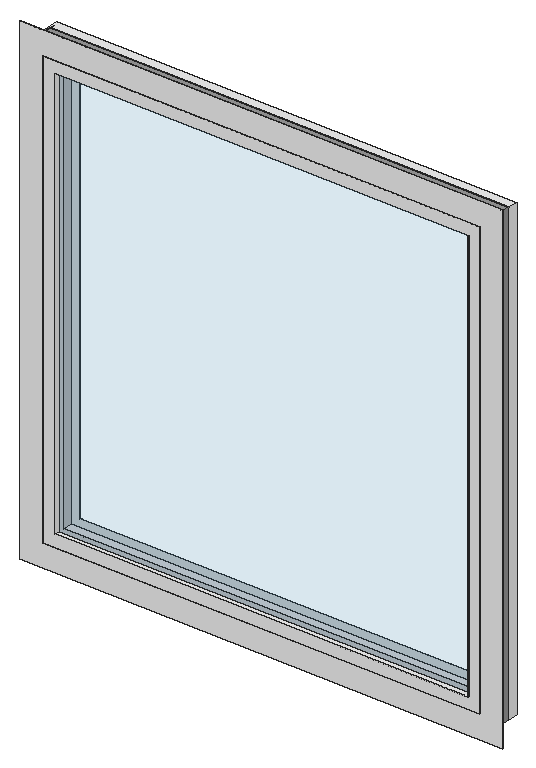
Revit family "Edge_TB42_I_Top_Hung_Custom", category Windows, host Wall, Revit 2014
Parameters (values of type "Casement_Sash_DG")
  Width Sash [instance] = 30 mm
  Width Sash Inner = 15 mm
  Width Bead = 15 mm
  Top Hung [instance] = yes
  Thermal Break Material = Rubber, Black
  Thermal Break Length = 16 mm
  Side Hung Right [instance] = yes
  Side Hung Left [instance] = yes
  Sash Opening Width [instance] = 600 mm
  Sash Opening Height [instance] = 600 mm
  Sash Lip = 15 mm
  Sash Leg [instance] = (Depth Sash - Thermal Break Length) / 2  # 13 mm
  SG Bead Leg = 6.683 mm
  Glazing Material [instance] = Glass
  Glazing Offset = 5 mm
  DG Start Piece 2 [instance] = DG End Piece 1 + DG Gasket Thickness  # 24.158 mm
  DG Start Peice 1 [instance] = ((Depth Sash - (2 * DG Glazing Thickness) - DG Gasket Thickness) / 2) - (SG Bead Leg - Aluminium Thickness) / 2  # 5.758 mm
  DG Glazing Thickness [instance] = 6.4 mm
  DG Gasket Thickness = 12 mm  # constant formula
  DG Gasket Material [instance] = none
  Depth Sash [instance] = 42 mm
  DG End Piece 2 [instance] = DG Start Piece 2 + DG Glazing Thickness  # 30.558 mm
  DG End Piece 1 [instance] = DG Start Peice 1 + DG Glazing Thickness  # 12.158 mm
  Center Vertical Sash [instance] = Sash Opening Height / 2  # 300 mm
  Center Horizontal Sash [instance] = Sash Opening Width / 2  # 300 mm
  Bottom Hung [instance] = yes
  Bead Offset = 15 mm
  Aluminium Thickness = 1 mm
  Aluminium Material [instance] = White Powder Coated Aluminium
Reference planes
  plane 1 "Center (Front/Back)": y = 0
  plane 2: z = 0
  plane 3 "Center (Left/Right)": x = 0
Forms (mm)
  Sweep 1, solid, material "White Powder Coated Aluminium" <- "Aluminium Material"
    path origin (16.177, 0, 121.331) x (1, 0, 0) y (0, 0, 1)
      loop
        line (0, 0) -> (600, 0) -> (600, 600) -> (0, 600) -> (0, 0)
    profile origin (316.177, 0, 121.331) x (0, 0, 1) y (0, -1, 0)
      loop
        line (0, 0) -> (30, 0) -> (30, 1) -> (15, 1) -> (15, 13) -> (14, 13) -> (14, 1) -> (1, 1) -> (1, 13) -> (0, 13) -> (0, 0)
      loop
        line (15, 42) -> (-15, 42) -> (-15, 41) -> (0, 41) -> (0, 29) -> (1, 29) -> (1, 41) -> (14, 41) -> (14, 29) -> (15, 29) -> (15, 42)
  Sweep 2, solid, material "White Powder Coated Aluminium" <- "Aluminium Material"
    path origin (0, 0, 0) x (1, 0, 0) y (0, 0, 1)
      loop
        line (31.177, 706.331) -> (31.177, 136.331) -> (601.177, 136.331) -> (601.177, 706.331) -> (31.177, 706.331)
    profile origin (316.177, 0, 706.331) x (0, 0, 1) y (0, -1, 0)
      loop
        line (0, 41) -> (0, 42) -> (-15, 42) -> (-15, 35.317) -> (-14, 35.317) -> (-14, 41) -> (0, 41)
  Extrusion 3, solid, material "Glass" <- "Glazing Material"
    sketch origin (0, 0, 0) x (1, 0, 0) y (0, 0, 1)
      loop
        line (36.177, 701.331) -> (36.177, 141.331) -> (596.177, 141.331) -> (596.177, 701.331) -> (36.177, 701.331)
    from 5.758 <- "DG Start Peice 1" to 12.158 <- "DG End Piece 1"
  Extrusion 4, solid, material "Glass" <- "Glazing Material"
    sketch origin (0, 0, 0) x (1, 0, 0) y (0, 0, 1)
      loop
        line (36.177, 701.331) -> (36.177, 141.331) -> (596.177, 141.331) -> (596.177, 701.331) -> (36.177, 701.331)
    from 30.558 <- "DG End Piece 2" to 24.158 <- "DG Start Piece 2"
  Sweep 5, solid, material <- "DG Gasket Material"
    path origin (0, -12.158, 0) x (1, 0, 0) y (0, 0, 1)
      loop
        line (36.177, 701.331) -> (36.177, 141.331) -> (596.177, 141.331) -> (596.177, 701.331) -> (36.177, 701.331)
    profile origin (316.177, -12.158, 701.331) x (0, 0, 1) y (0, -1, 0)
      loop
        line (0, 0) -> (0, 12) -> (-7.96, 12) -> (-7.96, 0) -> (0, 0)
  Sweep 6, solid, material "Rubber, Black" <- "Thermal Break Material"
    path origin (16.177, -13, 121.331) x (1, 0, 0) y (0, 0, 1)
      loop
        line (-15, 615) -> (-15, -15) -> (615, -15) -> (615, 615) -> (-15, 615)
    profile origin (316.177, -13, 736.331) x (0, 0, 1) y (0, -1, 0)
      loop
        line (-15, 16) -> (-16, 16) -> (-16, 0) -> (-15, 0) -> (-15, 16)
      loop
        line (-29, 16) -> (-30, 16) -> (-30, 0) -> (-29, 0) -> (-29, 16)
Lines and regions (mm)
  model lines
    curve 1: line (1.177, -42, 736.331) -> (31.177, -42, 706.331)
    curve 2: line (601.177, -42, 706.331) -> (631.177, -42, 736.331)
    curve 3: line (601.177, -42, 136.331) -> (631.177, -42, 106.331)
    curve 4: line (1.177, -42, 106.331) -> (31.177, -42, 136.331)
    curve 5: line (631.177, -41, 736.331) -> (616.177, -41, 721.331)
    curve 6: line (1.177, -41, 736.331) -> (16.177, -41, 721.331)
    curve 7: line (1.177, -41, 106.331) -> (16.177, -41, 121.331)
    curve 8: line (631.177, -41, 106.331) -> (616.177, -41, 121.331)
    curve 9: line (616.177, 0, 121.331) -> (586.177, 0, 151.331)
    curve 10: line (46.177, 0, 151.331) -> (16.177, 0, 121.331)
    curve 11: line (616.177, 0, 721.331) -> (586.177, 0, 691.331)
    curve 12: line (46.177, 0, 691.331) -> (16.177, 0, 721.331)
    curve 13: line (31.177, -42, 691.331) -> (46.177, -42, 691.331)
    curve 14: line (586.177, -42, 691.331) -> (601.177, -42, 691.331)
    curve 15: line (586.177, -42, 151.331) -> (601.177, -42, 151.331)
    curve 16: line (31.177, -42, 151.331) -> (46.177, -42, 151.331)
  model lines, style "GenericModelHiddenLines", visible <- "Top Hung"
    curve 17: line (46.386, -30.558, 690.602) -> (316.177, -30.558, 151.331)
    curve 18: line (316.177, -30.558, 151.331) -> (586.177, -30.558, 691.018)
  model lines, style "GenericModelHiddenLines", visible <- "Bottom Hung"
    curve 19: line (46.177, -30.558, 151.331) -> (316.177, -30.558, 691.018)
    curve 20: line (316.177, -30.558, 691.018) -> (586.177, -30.558, 151.331)
  model lines, style "GenericModelHiddenLines", visible <- "Side Hung Left"
    curve 21: line (46.386, -30.558, 690.602) -> (585.24, -30.558, 421.331)
    curve 22: line (585.24, -30.558, 421.331) -> (46.177, -30.558, 151.331)
  model lines, style "GenericModelHiddenLines", visible <- "Side Hung Right"
    curve 23: line (586.177, -30.558, 691.018) -> (46.177, -30.558, 421.331)
    curve 24: line (46.177, -30.558, 421.331) -> (586.177, -30.558, 151.331)
Dimensions and locks
  "Aluminium Thickness": Sweep 1 sketch curve to Sweep 1 sketch curve  (x6)
  "Depth Sash": Sweep 1 sketch curve to Sweep 1 sketch curve
  "Sash Opening Width": Sweep 1 to Sweep 1
  "Sash Opening Height": Sweep 1 to Sweep 1
  "Width Sash": Sweep 1 sketch curve to Sweep 1 sketch curve  (x2)
  "Width Sash Inner": Sweep 1 sketch curve to Sweep 1 sketch curve
  "Sash Lip": Sweep 1 sketch curve to Sweep 1 sketch curve
  "Glazing Offset": Sweep 2 to Extrusion 3 sketch curve  (x3)
  "Glazing Offset": Extrusion 3 sketch curve to Sweep 2
  Sweep 1 to Sweep 1 = 1 mm
  "Width Bead": Sweep 2 sketch curve to Sweep 2 sketch curve
  locked: Sweep 5 sketch curve to Sweep 5 sketch curve at 7.96
  "Center Horizontal Sash": Sweep 1 to curve 18
  "Center Horizontal Sash": Sweep 1 to curve 20
  "Center Vertical Sash": Sweep 1 to curve 22
  "Center Vertical Sash": Sweep 1 to curve 24
  "Sash Leg": Sweep 1 sketch curve to Sweep 1 sketch curve
  "Aluminium Thickness": Sweep 2 sketch curve to Sweep 2 sketch curve  (x2)
  "SG Bead Leg": Sweep 2 sketch curve to Sweep 2 sketch curve
  aligned and locked: level to plane 2
  aligned and locked: Sweep 1 sketch curve to Sweep 1 sketch curve  (x3)
  aligned and locked: Sweep 2 sketch curve to Sweep 1  (x4)
  aligned and locked: Sweep 1 to Sweep 2 sketch curve  (x2)
  aligned and locked: Extrusion 4 sketch curve to Extrusion 3  (x4)
  aligned and locked: Sweep 5 sketch curve to Extrusion 3  (x5)
  aligned and locked: Extrusion 3 to Sweep 5 sketch curve
  aligned and locked: Sweep 6 sketch curve to Sweep 1  (x10)
  aligned and locked: Sweep 1 to Sweep 6 sketch curve  (x2)
Automatic sketch dimensions
  plane 3 "Center (Left/Right)" to Sweep 1 sketch curve = 16.177 mm
  level to Sweep 1 sketch curve = 121.331 mm
  plane 3 "Center (Left/Right)" to Sweep 1 sketch curve = 616.177 mm
  level to Sweep 1 sketch curve = 721.331 mm
  profile plane to Sweep 5 sketch curve = 12 mm
  curve 7 to Sweep 1 = 0 mm  (x4)
  curve 6 to Sweep 1 = 0 mm  (x3)
  Sweep 1 to curve 6 = 0 mm
  curve 5 to Sweep 1 = 0 mm  (x3)
  curve 8 to Sweep 1 = 0 mm  (x4)
  Sweep 1 to curve 5 = 0 mm
  curve 16 to Sweep 2 = 0 mm  (x3)
  curve 13 to Sweep 2 = 0 mm  (x3)
  curve 15 to Sweep 2 = 0 mm
  Sweep 2 to curve 15 = 0 mm  (x2)
  curve 14 to Sweep 2 = 0 mm  (x2)
  Sweep 2 to curve 14 = 0 mm
  curve 1 to Sweep 1 = 0 mm  (x4)
  curve 4 to Sweep 1 = 0 mm  (x4)
  curve 2 to Sweep 1 = 0 mm  (x4)
  curve 3 to Sweep 1 = 0 mm  (x2)
  Sweep 1 to curve 3 = 0 mm  (x2)
  curve 10 to Sweep 1 = 0 mm  (x4)
  curve 12 to Sweep 1 = 0 mm  (x2)
  Sweep 1 to curve 12 = 0 mm  (x2)
  curve 11 to Sweep 1 = 0 mm  (x4)
  curve 9 to Sweep 1 = 0 mm  (x4)
  profile plane to Sweep 1 sketch curve = 0 mm  (x2)
  Sweep 1 sketch curve to plane 1 "Center (Front/Back)" = 0 mm
  Sweep 1 sketch curve to Sweep 1 sketch curve = 13 mm
  Sweep 1 sketch curve to Sweep 1 sketch curve = 12 mm  (x2)
  curve 21 to Extrusion 4 = 10.208 mm
  curve 19 to Extrusion 4 = 10 mm
  curve 23 to Extrusion 4 = 10 mm  (x2)
  curve 22 to Extrusion 4 = 10.937 mm
  curve 20 to Extrusion 4 = 10 mm
  curve 24 to Extrusion 4 = 10 mm
  curve 22 to Extrusion 4 = 10 mm
  curve 18 to Extrusion 4 = 10 mm
  curve 21 to Extrusion 4 = 10.729 mm
  curve 19 to Extrusion 4 = 10.312 mm
  curve 18 to Extrusion 4 = 10.312 mm
